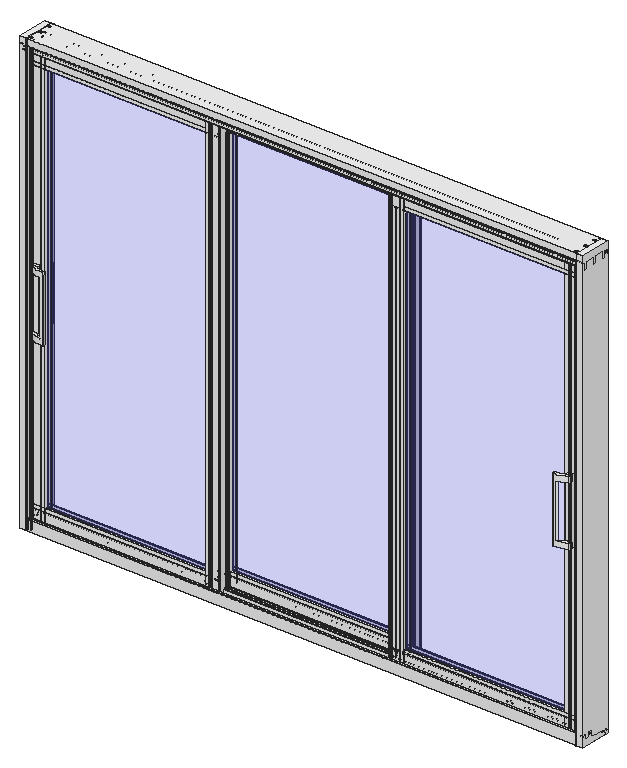
Revit family "Patio-Door_R-550-2-0_3-Light_XOX_5in_Novatech", category Doors, host Wall, Revit 2026
Family settings
  Host = Wall
  Classification Number = 23.30.10.00
  Always vertical = Yes
  Cut with Voids When Loaded = No
  Shared = No
  Room Calculation Point = No
Parameters (values of type "103 7/16"W X 81"H")
  Width Sash X = (Width / 3) + 101/128"  # 35.26823"
  Width Sash O = (Width / 3) + 101/128"  # 35.26823"
  Model_Sash to Reference Line = (Width - 2 37/128") / 3  # 33.71615"
  View Handle = yes
  URL = "https://www.groupenovatech.com/en_canada_ontario/products/patio‐doors/550.html"
  Thickness = 5.75039"
  Specification = "https://www.arcat.com/company/novatech-group-51586/spec"
  Rough Width = Width + 1/2"  # 103 15/16"
  Rough Height = Height + 1/2"  # 81 1/2"
  Product Page URL = "https://www.arcat.com/arcatcos/cos51/arc51586.html"
  Panel Material = Glass
  Model = "550"
  Manufacturer = "Novatech"
  Look Handle = yes
  Keynote = "08 32 00"
  Height Sash X = Height - 3 37/64"  # 77 27/64"
  Height Sash O = Height - 3 37/64"  # 77 27/64"
  Hardware Material = Aluminum
  Handle Height = 38"
  Function = Interior
  Height = 81"
  Wall Closure = By host
  Width = 103 7/16"
  Frame Material = Aluminum
  Define Thermal Properties by = Schematic Type
  Copyright = "ARCAT"
  CAD Details = "https://www.arcat.com/company/novatech-group-51586/cad"
  Analytic Construction = "<None>"
Reference planes (in)
  plane 1 "Center (Front/Back)": y = 0
  plane 2 "Center (Left/Right)": x = 0
  plane 3 "Left": x = -51.71875
  plane 4 "Right": x = 51.71875
  plane 5 "Top": z = 81
  plane 6 "Exterior": y = 3
  plane 7 "Interior": y = -3
  plane 8: x = -50.57111
  plane 9: z = 1.6351
  plane 10: z = 79.05697
  plane 11: x = 50.57501
  plane 12: z = 38
  plane 13: x = -16.85497
  plane 14: x = 16.85886
  plane 15 "Panel 1": y = -1.33612
  plane 16 "Panel 2": y = 0.87399
Text (in)
  text "Exterior" at (-104.41165, 27.31104, 0), in view "Ref. Level"
  text "Interior" at (-104.41165, -25.14366, 0), in view "Ref. Level"
  text "Exterior" at (0, 40.15149, 123.01588), in view "Right"
  text "Interior" at (0, -64.39139, 123.01588), in view "Right"
  text "Interior" at (0, -31.01599, 123.00693), in view "Left"
  text "Exterior" at (0, 54.57065, 123.00693), in view "Left"
Dimensions and locks (in)
  "Model_Sash to Reference Line": plane 8 to plane 13
  "Model_Sash to Reference Line": plane 14 to plane 11
  plane 3 "Left" to plane 8 = 1.14764"
  plane 11 to plane 4 "Right" = 1.14374"
  "Height": plane 5 "Top" to level
  "Handle Height": plane 12 to level
  "Width": plane 3 "Left" to plane 4 "Right"
  equal spacing: plane 3 "Left", plane 2 "Center (Left/Right)", plane 4 "Right"
  locked: nested 7 to plane 3 "Left" at 2.74076
  locked: nested 6 to plane 3 "Left" at 2.74076
  locked: plane 4 "Right" to nested 3 at 2.74072
  locked: plane 4 "Right" to nested 2 at 2.74072
  locked: plane 15 "Panel 1" to nested 2 at 0.76968
  locked: nested 3 to plane 15 "Panel 1" at 0.8878
  locked: plane 15 "Panel 1" to nested 6 at 0.76968
  locked: nested 7 to plane 15 "Panel 1" at 0.8878
  locked: plane 9 to level at 1.6351
  "Height Sash O": plane 10 to plane 9
  locked: plane 7 "Interior" to plane 15 "Panel 1" at 1.66388
  locked: plane 7 "Interior" to plane 16 "Panel 2" at 3.87399
  aligned and locked: plane 6 "Exterior" to host wall
  aligned and locked: plane 7 "Interior" to host wall
  aligned and locked: nested 1 to plane 7 "Interior"
  aligned and locked: nested 1 to plane 3 "Left"
  aligned and locked: nested 1 to plane 4 "Right"
  aligned and locked: plane 15 "Panel 1" to nested 8
  aligned and locked: nested 4 to plane 15 "Panel 1"
  aligned and locked: nested 5 to plane 16 "Panel 2"
  aligned and locked: plane 12 to nested 3
  aligned and locked: plane 12 to nested 2
  aligned and locked: nested 8 to plane 9
  aligned and locked: plane 10 to nested 8
  aligned and locked: plane 9 to nested 5
  aligned and locked: nested 5 to plane 10
  aligned and locked: plane 9 to nested 4
  aligned and locked: nested 4 to plane 10
  aligned and locked: nested 8 to plane 13
  aligned and locked: nested 5 to plane 13
  aligned and locked: plane 14 to nested 5
  aligned and locked: plane 14 to nested 4
  aligned and locked: plane 11 to nested 1
  aligned and locked: nested 1 to plane 8
  aligned and locked: nested 6 to plane 12
  aligned and locked: nested 7 to plane 12
Nested families (in)
  nested 1: "NOVATECH_R-550 (2.0)_3 light OXO 5in_DOOR FRAME" at (0, 0, 0) x (-1, 0, 0) z (0, 0, 1), type "DOOR FRAME"
    with Width 103 7/16"
  nested 2: "NOVATECH_R-550 (2.0)_3 LIGHT_XOX_5in_LOOK HANDLE" at (48.97803, -2.22392, 32) x (-1, 0, 0) z (0, 0, 1), visible <- "Look Handle", type "LOOK HANDLE"
  nested 3: "NOVATECH_R-550 (2.0)_3 LIGHT_XOX_5in_VIEW HANDLE" at (48.97803, -2.22392, 32) x (-1, 0, 0) z (0, 0, 1), visible <- "View Handle", type "VIEW HANDLE"
  nested 4: "NOVATECH_R-550 (2.0)_3 LIGHT_XOX_5in_SASH_X" at (33.71694, -0.56644, 1.6351) x (-1, 0, 0) z (0, 0, 1), type "SASH_X"
  nested 5: "NOVATECH_R-550 (2.0)_3 LIGHT_XOX_5in_SASH_O_MID" at (0.00311, 1.64369, 1.6351) x (-1, 0, 0) z (0, 0, 1), type "SASH_O_MID"
  nested 6: "NOVATECH_R-550 (2.0)_3 LIGHT_XOX_5in_LOOK HANDLE" at (-48.97799, -2.22392, 32), visible <- "Look Handle", type "LOOK HANDLE"
  nested 7: "NOVATECH_R-550 (2.0)_3 LIGHT_XOX_5in_VIEW HANDLE" at (-48.97799, -2.22392, 32), visible <- "View Handle", type "VIEW HANDLE"
  nested 8: "NOVATECH_R-550 (2.0)_3 LIGHT_XOX_5in_SASH_X" at (-33.71304, -0.56644, 1.6351), type "SASH_X"
Definition of nested family "NOVATECH_R-550 (2.0)_3 light OXO 5in_DOOR FRAME"
  Parameters (values of type "DOOR FRAME")
    Function = (empty or 0)
    Height = 81"
    Wall Closure = (empty or 0)
    Width = 139 3/8"
    Frame Thickness = 5.75039"
    Frame Material = none
    Define Thermal Properties by = 1
    Analytic Construction = "<None>"
  Reference planes (in)
    plane 1 "Center (Front/Back)": y = 0
    plane 2 "Center (Left/Right)": x = 0
    plane 3 "Left": x = -69.6875
    plane 4 "Right": x = 69.6875
    plane 5 "Top": z = 81
    plane 6 "Exterior": y = 4
    plane 7 "Interior": y = -4
    plane 8: y = -1.75039
  Lines and regions (in)
    Opening 1
      outline origin (-90, -4, 0) x (1, 0, 0) y (0, 0, 1)
        loop
          line (20.3125, 0) -> (159.6875, 0) -> (159.6875, 81) -> (20.3125, 81) -> (20.3125, 0)
  Text (in)
    text "Exterior" at (-74.96733, 27.31104, 0), in view "Ref. Level"
    text "Interior" at (-74.96733, -25.14366, 0), in view "Ref. Level"
    text "Exterior" at (0, 40.15149, 123.01588), in view "Right"
    text "Interior" at (0, -64.39139, 123.01588), in view "Right"
    text "Interior" at (0, -31.01599, 123.00693), in view "Left"
    text "Exterior" at (0, 54.57065, 123.00693), in view "Left"
  Dimensions and locks (in)
    equal spacing: plane 3 "Left", plane 2 "Center (Left/Right)", plane 4 "Right"
    "Height": level to plane 5 "Top"
    "Width": plane 3 "Left" to plane 4 "Right"
    "Frame Thickness": plane 6 "Exterior" to plane 8
    aligned and locked: plane 3 "Left" to Opening 1 sketch curve
    aligned and locked: plane 5 "Top" to Opening 1 sketch curve  (x2)
    aligned and locked: Opening 1 sketch curve to plane 4 "Right"
    aligned and locked: Opening 1 sketch curve to level
    aligned and locked: plane 6 "Exterior" to host wall
    aligned and locked: plane 7 "Interior" to host wall
    aligned and locked: nested 1 to plane 3 "Left"
    aligned and locked: plane 4 "Right" to nested 1
    aligned and locked: nested 2 to plane 3 "Left"
    aligned and locked: nested 2 to plane 4 "Right"
    aligned and locked: nested 3 to plane 6 "Exterior"
    aligned and locked: plane 3 "Left" to nested 3
    aligned and locked: nested 4 to plane 4 "Right"
    aligned and locked: nested 1 to plane 6 "Exterior"
    aligned and locked: nested 1 to plane 5 "Top"
    aligned and locked: level to nested 2
    aligned and locked: plane 6 "Exterior" to nested 4
    aligned and locked: nested 4 to plane 8
    aligned and locked: plane 8 to nested 3
    aligned and locked: nested 2 to plane 8
  Nested families (in)
    nested 1: "HEADER PROFILE" at (-69.6875, -1.56054, 81), type "HEADER PROFILE"
      with Length 139 3/8"
    nested 2: "NOVATECH_650_2 LIGHT_SILL PROFILE" at (69.6875, 3.91668, 0) x (-1, 0, 0) z (0, 0, 1), type "SILL PROFILE"
      with built-in parameter 1001306 11.615 (stored number, unit not read)
    nested 3: "NOVATECH 650_2 LIGHT_DOOR FRAME_LEFT" at (-69.6875, 4, 0) x (0, -1, 0) z (0, 0, 1), type "NOVATECH 650_2 LIGHT_DOOR FRAME_LEFT"
      with Length 81"
    nested 4: "NOVATECH 650_2 LIGHT_DOOR FRAME_RIGHT" at (69.6875, -1.74823, 0) x (0, 1, 0) z (0, 0, 1), type "NOVATECH 650_2 LIGHT_DOOR FRAME_RIGHT"
      with Length 81"
  Definition of nested family "HEADER PROFILE"
    Parameters (values of type "HEADER PROFILE")
      Length [instance] = 12"
      Frame Material = none
      Default Elevation = 0"
    Reference planes (in)
      plane 1 "Center (Front/Back)": y = -0.1877
      plane 2: z = 0
      plane 3 "Center (Left/Right)": x = 0
      plane 4: x = 12
    Forms (in)
      Extrusion 1, solid, material <- "Frame Material"
        sketch origin (0, 0, -4.50465) x (0, 1, 0) y (0, 0, 1)
          loop
            line (5.47841, 3.29129) -> (5.47841, 3.36675)
            arc (5.47841, 3.36675) -> (5.53175, 3.36007) -> (5.56054, 3.40548) r 0.0502
            line (5.56054, 3.40548) -> (5.56054, 4.50465) -> (-0.1877, 4.50465) -> (-0.1877, 2.55546)
            arc (-0.1877, 2.55546) -> (-0.1552, 2.52297) -> (-0.1227, 2.55547) r 0.0325
            line (-0.1227, 2.55547) -> (-0.12276, 3.29129) -> (0.25521, 3.29129) -> (0.25521, 2.84166)
            arc (0.25521, 2.84166) -> (0.26685, 2.81816) -> (0.29261, 2.8132) r 0.02953
            arc (0.29261, 2.8132) -> (0.31836, 2.81816) -> (0.33, 2.84166) r 0.02953
            line (0.33, 2.84166) -> (0.33, 3.29129) -> (0.69423, 3.29129) -> (0.69423, 2.19955)
            arc (0.69423, 2.19955) -> (0.7118, 2.15713) -> (0.75422, 2.13956) r 0.05999
            line (0.75422, 2.13956) -> (0.81522, 2.13956)
            arc (0.81522, 2.13956) -> (0.85764, 2.15713) -> (0.87521, 2.19955) r 0.05999
            line (0.87521, 2.19955) -> (0.87521, 2.25259)
            arc (0.87521, 2.25259) -> (0.84972, 2.26998) -> (0.82422, 2.25259) r 0.02739
            line (0.82422, 2.25259) -> (0.82422, 2.20455) -> (0.77268, 2.20455)
            arc (0.77268, 2.20455) -> (0.75528, 2.2213) -> (0.75922, 2.24512) r 0.02594
            arc (0.75922, 2.24512) -> (0.77544, 2.26759) -> (0.75922, 2.29005) r 0.02367
            line (0.75922, 2.29005) -> (0.75922, 2.33559)
            arc (0.75922, 2.33559) -> (0.77473, 2.35806) -> (0.75922, 2.38052) r 0.02403
            line (0.75922, 2.38052) -> (0.75922, 2.42611)
            arc (0.75922, 2.42611) -> (0.7747, 2.44857) -> (0.75922, 2.47104) r 0.02404
            arc (0.75922, 2.47104) -> (0.75299, 2.49662) -> (0.77468, 2.51157) r 0.02321
            line (0.77468, 2.51157) -> (0.82422, 2.51157) -> (0.82422, 2.46357)
            arc (0.82422, 2.46357) -> (0.84972, 2.44456) -> (0.87521, 2.46357) r 0.0266
            line (0.87521, 2.46357) -> (0.87521, 3.29129) -> (2.68703, 3.29129) -> (2.68703, 2.46238)
            arc (2.68703, 2.46238) -> (2.71103, 2.44596) -> (2.73803, 2.45675) r 0.03088
            line (2.73803, 2.45675) -> (2.73803, 2.49661)
            arc (2.73803, 2.49661) -> (2.76353, 2.51731) -> (2.78902, 2.49661) r 0.02605
            line (2.78902, 2.49661) -> (2.78902, 2.21955)
            arc (2.78902, 2.21955) -> (2.76353, 2.20165) -> (2.73803, 2.21955) r 0.02711
            line (2.73803, 2.21955) -> (2.73803, 2.25254)
            arc (2.73803, 2.25254) -> (2.71253, 2.26976) -> (2.68703, 2.25254) r 0.02749
            line (2.68703, 2.25254) -> (2.68703, 2.19955)
            arc (2.68703, 2.19955) -> (2.70461, 2.15713) -> (2.74703, 2.13956) r 0.05999
            line (2.74703, 2.13956) -> (2.98101, 2.13956)
            arc (2.98101, 2.13956) -> (3.02343, 2.15713) -> (3.041, 2.19955) r 0.05999
            line (3.041, 2.19955) -> (3.041, 2.25254)
            arc (3.041, 2.25254) -> (3.0155, 2.27015) -> (2.99, 2.25254) r 0.02726
            line (2.99, 2.25254) -> (2.99, 2.21955)
            arc (2.99, 2.21955) -> (2.96451, 2.20197) -> (2.93901, 2.21955) r 0.02728
            line (2.93901, 2.21955) -> (2.93901, 2.49661)
            arc (2.93901, 2.49661) -> (2.96451, 2.51514) -> (2.99, 2.49661) r 0.02681
            line (2.99, 2.49661) -> (2.99, 2.46362)
            arc (2.99, 2.46362) -> (3.0155, 2.44518) -> (3.041, 2.46362) r 0.02685
            line (3.041, 2.46362) -> (3.041, 3.29129) -> (4.85282, 3.29129) -> (4.85282, 2.60608) -> (4.85282, 2.46358)
            arc (4.85282, 2.46358) -> (4.87832, 2.44433) -> (4.90382, 2.46358) r 0.02651
            line (4.90382, 2.46358) -> (4.90382, 2.49665)
            arc (4.90382, 2.49665) -> (4.92931, 2.51514) -> (4.95481, 2.49665) r 0.02682
            line (4.95481, 2.49665) -> (4.95481, 2.21951)
            arc (4.95481, 2.21951) -> (4.92931, 2.20154) -> (4.90382, 2.21951) r 0.02707
            line (4.90382, 2.21951) -> (4.90382, 2.25258)
            arc (4.90382, 2.25258) -> (4.87832, 2.2698) -> (4.85282, 2.25258) r 0.02749
            line (4.85282, 2.25258) -> (4.85282, 2.1994)
            arc (4.85282, 2.1994) -> (4.87035, 2.15709) -> (4.91266, 2.13956) r 0.05984
            line (4.91266, 2.13956) -> (5.09278, 2.13956)
            arc (5.09278, 2.13956) -> (5.12107, 2.15127) -> (5.13278, 2.17956) r 0.04
            line (5.13278, 2.17956) -> (5.13279, 3.29129) -> (5.47841, 3.29129)
        from 0 to 12
    Dimensions and locks (in)
      "Length": plane 3 "Center (Left/Right)" to plane 4
      aligned and locked: plane 2 to level
      aligned and locked: Extrusion 1 to plane 4
      aligned and locked: Extrusion 1 to plane 3 "Center (Left/Right)"
    Automatic sketch dimensions
      Extrusion 1 sketch curve to level = 2.36509"  (x5)
      level to Extrusion 1 sketch curve = 0"
      Extrusion 1 sketch curve to Extrusion 1 sketch curve = 0.0325"  (x2)
      Extrusion 1 sketch curve to level = 1.21336"  (x2)
      Extrusion 1 sketch curve to Extrusion 1 sketch curve = 0.03244"
      Extrusion 1 sketch curve to level = 1.94918"
      Extrusion 1 sketch curve to Extrusion 1 sketch curve = 0.37797"
      Extrusion 1 sketch curve to level = 1.66299"  (x2)
      Extrusion 1 sketch curve to Extrusion 1 sketch curve = 0"  (x13)
      Extrusion 1 sketch curve to Extrusion 1 sketch curve = 0.02953"  (x2)
      Extrusion 1 sketch curve to Extrusion 1 sketch curve = 0.01574"
      Extrusion 1 sketch curve to Extrusion 1 sketch curve = 0.0748"
      Extrusion 1 sketch curve to Extrusion 1 sketch curve = 0.36423"
      Extrusion 1 sketch curve to Extrusion 1 sketch curve = 0.05643"
      Extrusion 1 sketch curve to Extrusion 1 sketch curve = 0.00004"
      Extrusion 1 sketch curve to Extrusion 1 sketch curve = 0.05754"
      Extrusion 1 sketch curve to Extrusion 1 sketch curve = 0.05999"
      Extrusion 1 sketch curve to Extrusion 1 sketch curve = 0.00745"
      Extrusion 1 sketch curve to Extrusion 1 sketch curve = 0.00852"
      Extrusion 1 sketch curve to Extrusion 1 sketch curve = 0.01845"
      Extrusion 1 sketch curve to Extrusion 1 sketch curve = 0.02402"
      Extrusion 1 sketch curve to Extrusion 1 sketch curve = 0.00722"
      Extrusion 1 sketch curve to Extrusion 1 sketch curve = 0.04254"
      Extrusion 1 sketch curve to Extrusion 1 sketch curve = 0.04954"
      Extrusion 1 sketch curve to Extrusion 1 sketch curve = 0.009"  (x3)
      Extrusion 1 sketch curve to Extrusion 1 sketch curve = 0.0255"  (x24)
      Extrusion 1 sketch curve to Extrusion 1 sketch curve = 1.81182"  (x2)
      Extrusion 1 sketch curve to level = 2.3051"
      Extrusion 1 sketch curve to Extrusion 1 sketch curve = 0.02738"
      Extrusion 1 sketch curve to Extrusion 1 sketch curve = 0.02361"
      Extrusion 1 sketch curve to level = 2.00804"
      Extrusion 1 sketch curve to level = 2.2851"
      Extrusion 1 sketch curve to Extrusion 1 sketch curve = 0.14999"
      Extrusion 1 sketch curve to Extrusion 1 sketch curve = 0.0165"
      Extrusion 1 sketch curve to Extrusion 1 sketch curve = 0.35397"
      Extrusion 1 sketch curve to level = 2.04107"
      Extrusion 1 sketch curve to level = 2.25207"
      Extrusion 1 sketch curve to Extrusion 1 sketch curve = 0.00885"  (x2)
      Extrusion 1 sketch curve to level = 2.008"
      Extrusion 1 sketch curve to level = 2 73/256"
      Extrusion 1 sketch curve to Extrusion 1 sketch curve = 0.13797"
      Extrusion 1 sketch curve to level = 2.32509"
      Extrusion 1 sketch curve to Extrusion 1 sketch curve = 0.04"
      Extrusion 1 sketch curve to Extrusion 1 sketch curve = 0.27997"
      Extrusion 1 sketch curve to Extrusion 1 sketch curve = 0.34562"
      Extrusion 1 sketch curve to Extrusion 1 sketch curve = 0.03193"
      Extrusion 1 sketch curve to Extrusion 1 sketch curve = 0.0502"
      Extrusion 1 sketch curve to Extrusion 1 sketch curve = 0.005"
      Extrusion 1 sketch curve to Extrusion 1 sketch curve = 0.02"
      Extrusion 1 sketch curve to Extrusion 1 sketch curve = 0.0091"
      Extrusion 1 sketch curve to Extrusion 1 sketch curve = 0.0092"
      Extrusion 1 sketch curve to Extrusion 1 sketch curve = 0.00969"
      Extrusion 1 sketch curve to Extrusion 1 sketch curve = 0.02491"
      Extrusion 1 sketch curve to Extrusion 1 sketch curve = 0.02272"
      Extrusion 1 sketch curve to Extrusion 1 sketch curve = 0.01026"
      Extrusion 1 sketch curve to Extrusion 1 sketch curve = 0.03804"
      Extrusion 1 sketch curve to Extrusion 1 sketch curve = 0.02334"
      Extrusion 1 sketch curve to Extrusion 1 sketch curve = 0.01027"
      Extrusion 1 sketch curve to Extrusion 1 sketch curve = 0.00965"
      Extrusion 1 sketch curve to Extrusion 1 sketch curve = 0.01"
      Extrusion 1 sketch curve to Extrusion 1 sketch curve = 0.03813"
      Extrusion 1 sketch curve to Extrusion 1 sketch curve = 0.02246"  (x3)
      Extrusion 1 sketch curve to Extrusion 1 sketch curve = 0.04554"
      Extrusion 1 sketch curve to Extrusion 1 sketch curve = 0.04558"
      Extrusion 1 sketch curve to Extrusion 1 sketch curve = 0.03986"
      Extrusion 1 sketch curve to Extrusion 1 sketch curve = 0.00563"
      Extrusion 1 sketch curve to Extrusion 1 sketch curve = 0.03746"
      Extrusion 1 sketch curve to Extrusion 1 sketch curve = 0.21108"
      Extrusion 1 sketch curve to Extrusion 1 sketch curve = 0.00726"
      Extrusion 1 sketch curve to Extrusion 1 sketch curve = 0.00759"
      Extrusion 1 sketch curve to Extrusion 1 sketch curve = 0.0084"
      Extrusion 1 sketch curve to Extrusion 1 sketch curve = 0.00833"
      Extrusion 1 sketch curve to Extrusion 1 sketch curve = 0.02471"
      Extrusion 1 sketch curve to Extrusion 1 sketch curve = 0.03978"
      Extrusion 1 sketch curve to Extrusion 1 sketch curve = 0.00535"
      Extrusion 1 sketch curve to Extrusion 1 sketch curve = 0.00828"
      Extrusion 1 sketch curve to Extrusion 1 sketch curve = 0.0404"
      Extrusion 1 sketch curve to Extrusion 1 sketch curve = 0.10943"
      Extrusion 1 sketch curve to Extrusion 1 sketch curve = 0.79468"
      Extrusion 1 sketch curve to Extrusion 1 sketch curve = 0.68521"
      Extrusion 1 sketch curve to Extrusion 1 sketch curve = 0.07546"
      Extrusion 1 sketch curve to plane 1 "Center (Front/Back)" = 0"
  Definition of nested family "NOVATECH_650_2 LIGHT_SILL PROFILE"
    Parameters (values of type "SILL PROFILE")
      built-in parameter 1001306 [instance] = 54"
      Frame Material = none
      Default Elevation = 0"
    Reference planes (in)
      plane 1 "Center (Front/Back)": y = 0
      plane 2: z = 0
      plane 3 "Left": x = 0
      plane 4 "Right": x = 54
    Forms (in)
      Extrusion 1, solid, material <- "Frame Material"
        sketch origin (0, 0, 0) x (0, 1, 0) y (0, 0, 1)
          loop
            line (-0.0315, 2.01964) -> (-0.3985, 2.01964)
            arc (-0.3985, 2.01964) -> (-0.42078, 2.01041) -> (-0.43, 1.98814) r 0.0315
            line (-0.43, 1.98814) -> (-0.43, 1.24798)
            arc (-0.43, 1.24798) -> (-0.43577, 1.23406) -> (-0.44969, 1.22829) r 0.01969
            line (-0.44969, 1.22829) -> (-0.53401, 1.22829) -> (-1.18851, 1.2049)
            arc (-1.18851, 1.2049) -> (-1.20288, 1.21041) -> (-1.2089, 1.22458) r 0.01969
            line (-1.2089, 1.22458) -> (-1.2089, 2.04394) -> (-1.28389, 2.04394) -> (-1.28389, 1.93761) -> (-1.45231, 1.93761)
            arc (-1.45231, 1.93761) -> (-1.47319, 1.92896) -> (-1.48184, 1.90808) r 0.02953
            line (-1.48184, 1.90808) -> (-1.48184, 1.8555) -> (-1.42464, 1.88924) -> (-1.42464, 1.76041)
            arc (-1.42464, 1.76041) -> (-1.4304, 1.74649) -> (-1.44432, 1.74072) r 0.01969
            line (-1.44432, 1.74072) -> (-1.52383, 1.74072) -> (-1.60334, 1.74072)
            arc (-1.60334, 1.74072) -> (-1.61726, 1.74649) -> (-1.62303, 1.76041) r 0.01969
            line (-1.62303, 1.76041) -> (-1.62303, 1.88924) -> (-1.56583, 1.8555) -> (-1.56583, 1.90808)
            arc (-1.56583, 1.90808) -> (-1.57447, 1.92896) -> (-1.59535, 1.93761) r 0.02953
            line (-1.59535, 1.93761) -> (-1.76377, 1.93761) -> (-1.76377, 2.04394) -> (-1.83876, 2.04394) -> (-1.83876, 1.48427)
            arc (-1.83876, 1.48427) -> (-1.83136, 1.46889) -> (-1.81472, 1.46507) r 0.01969
            line (-1.81472, 1.46507) -> (-1.74444, 1.48102)
            arc (-1.74444, 1.48102) -> (-1.7278, 1.47721) -> (-1.7204, 1.46183) r 0.01969
            line (-1.7204, 1.46183) -> (-1.7204, 1.18628) -> (-3.3976, 0.93481) -> (-3.3976, 0.87524)
            arc (-3.3976, 0.87524) -> (-3.39094, 0.86049) -> (-3.37547, 0.85571) r 0.01969
            line (-3.37547, 0.85571) -> (-3.34098, 0.86002)
            arc (-3.34098, 0.86002) -> (-3.32551, 0.85524) -> (-3.31886, 0.84049) r 0.01969
            line (-3.31886, 0.84049) -> (-3.31886, 0.77725)
            arc (-3.31886, 0.77725) -> (-3.32462, 0.76333) -> (-3.33854, 0.75756) r 0.01969
            line (-3.33854, 0.75756) -> (-3.49884, 0.75756)
            arc (-3.49884, 0.75756) -> (-3.51276, 0.76333) -> (-3.51852, 0.77726) r 0.01969
            line (-3.51852, 0.77726) -> (-3.51848, 0.89401)
            arc (-3.51848, 0.89401) -> (-3.52532, 0.90893) -> (-3.54109, 0.91348) r 0.01969
            line (-3.54109, 0.91348) -> (-4.14981, 0.82194)
            arc (-4.14981, 0.82194) -> (-4.16864, 0.81101) -> (-4.17588, 0.79048) r 0.03151
            arc (-4.17588, 0.79048) -> (-4.1692, 0.77568) -> (-4.15368, 0.77092) r 0.01971
            line (-4.15368, 0.77092) -> (-4.1193, 0.77531)
            arc (-4.1193, 0.77531) -> (-4.1038, 0.77056) -> (-4.09713, 0.75579) r 0.01969
            line (-4.09713, 0.75579) -> (-4.09713, 0.64717) -> (-4.51942, 0.64717) -> (-5.09032, 0.54995) -> (-5.09032, 0.37078)
            arc (-5.09032, 0.37078) -> (-5.09609, 0.35686) -> (-5.11001, 0.3511) r 0.01969
            line (-5.11001, 0.3511) -> (-5.21777, 0.3511) -> (-5.21777, 0.43301)
            arc (-5.21777, 0.43301) -> (-5.21008, 0.44862) -> (-5.19268, 0.45336) r 0.01969
            arc (-5.19268, 0.45336) -> (-5.17199, 0.46041) -> (-5.17057, 0.48222) r 0.01969
            line (-5.17057, 0.48222) -> (-5.19892, 0.53133) -> (-5.25984, 0.52091)
            arc (-5.25984, 0.52091) -> (-5.2833, 0.50749) -> (-5.29257, 0.4821) r 0.03937
            line (-5.29257, 0.4821) -> (-5.29257, 0.01969)
            arc (-5.29257, 0.01969) -> (-5.28681, 0.00577) -> (-5.27289, 0) r 0.01969
            line (-5.27289, 0) -> (0, 0) -> (0, 1.98814)
            arc (0, 1.98814) -> (-0.00922, 2.01041) -> (-0.0315, 2.01964) r 0.0315
          loop
            line (-1.3034, 1.97702) -> (-1.3034, 2.04394) -> (-1.42934, 2.04394) -> (-1.42934, 2.1046)
            arc (-1.42934, 2.1046) -> (-1.52383, 2.19912) -> (-1.61835, 2.10464) r 0.09451
            line (-1.61835, 2.10464) -> (-1.61837, 2.04394) -> (-1.7443, 2.04394) -> (-1.7443, 1.97702) -> (-1.5573, 1.97702) -> (-1.5573, 1.83834) -> (-1.58831, 1.83834) -> (-1.55095, 1.77508)
            arc (-1.55095, 1.77508) -> (-1.52382, 1.7596) -> (-1.4967, 1.7751) r 0.0315
            line (-1.4967, 1.7751) -> (-1.4594, 1.83834) -> (-1.49041, 1.83834) -> (-1.49041, 1.97702) -> (-1.3034, 1.97702)
          loop
            line (-5.30039, 0.01181) -> (-5.30039, 0.09008)
            arc (-5.30039, 0.09008) -> (-5.32598, 0.11568) -> (-5.35158, 0.09008) r 0.0256
            arc (-5.35158, 0.09008) -> (-5.3603, 0.07333) -> (-5.37902, 0.07086) r 0.02045
            line (-5.37902, 0.07086) -> (-5.45185, 0.07086) -> (-5.55813, 0.13258)
            arc (-5.55813, 0.13258) -> (-5.58236, 0.1411) -> (-5.60802, 0.14017) r 0.0689
            line (-5.60802, 0.14017) -> (-5.60802, 0.25595)
            arc (-5.60802, 0.25595) -> (-5.49766, 0.29546) -> (-5.42416, 0.38678) r 0.21608
            line (-5.42416, 0.38678) -> (-5.41236, 0.50797) -> (-5.18692, 0.54595)
            arc (-5.18692, 0.54595) -> (-5.16761, 0.53745) -> (-5.16159, 0.51723) r 0.02512
            line (-5.16159, 0.51723) -> (-5.16159, 0.43951) -> (-5.20605, 0.42845) -> (-5.16128, 0.37879)
            arc (-5.16128, 0.37879) -> (-5.12616, 0.37038) -> (-5.10571, 0.40014) r 0.03189
            line (-5.10571, 0.40014) -> (-5.10571, 0.55578) -> (-4.12322, 0.72113)
            arc (-4.12322, 0.72113) -> (-4.11499, 0.74127) -> (-4.1219, 0.76189) r 0.03124
            line (-4.1219, 0.76189) -> (-4.55051, 0.68941)
            arc (-4.55051, 0.68941) -> (-4.57053, 0.69771) -> (-4.57883, 0.71774) r 0.02832
            line (-4.57883, 0.71774) -> (-4.57883, 0.77014)
            arc (-4.57883, 0.77014) -> (-4.57077, 0.78959) -> (-4.55131, 0.79765) r 0.02752
            arc (-4.55131, 0.79765) -> (-4.53356, 0.82503) -> (-4.55312, 0.85114) r 0.02851
            line (-4.55312, 0.85114) -> (-4.61247, 0.85114)
            arc (-4.61247, 0.85114) -> (-4.62636, 0.84539) -> (-4.63211, 0.8315) r 0.01964
            line (-4.63211, 0.8315) -> (-4.63211, 0.68772) -> (-5.15723, 0.59916) -> (-5.15723, 0.84113)
            arc (-5.15723, 0.84113) -> (-5.18676, 0.87066) -> (-5.21629, 0.84113) r 0.02953
            line (-5.21629, 0.84113) -> (-5.21629, 0.5892) -> (-5.66655, 0.51327) -> (-5.66667, 0.46347)
            arc (-5.66667, 0.46347) -> (-5.62472, 0.40897) -> (-5.56143, 0.4359) r 0.05619
            arc (-5.56143, 0.4359) -> (-5.50277, 0.45232) -> (-5.48662, 0.39358) r 0.04298
            arc (-5.48662, 0.39358) -> (-5.55375, 0.33056) -> (-5.64467, 0.316) r 0.15703
            arc (-5.64467, 0.316) -> (-5.66029, 0.31137) -> (-5.66707, 0.29655) r 0.01969
            line (-5.66707, 0.29655) -> (-5.66707, 0.05364) -> (-5.60263, 0.03477) -> (-5.60263, 0.09012) -> (-5.53227, 0.04927) -> (-5.53227, 0.01181) -> (-5.30039, 0.01181)
        from 0 to 54
    Lines and regions (in)
      reference lines
        curve 1: line (0, 0, 0) -> (54, 0, 0)
    Dimensions and locks (in)
      "built-in parameter 1001306": plane 3 "Left" to plane 4 "Right"
      aligned and locked: plane 4 "Right" to curve 1
      aligned and locked: plane 1 "Center (Front/Back)" to curve 1
      aligned and locked: plane 3 "Left" to curve 1
      aligned and locked: level to plane 2
      aligned and locked: Extrusion 1 to curve 1
      aligned and locked: Extrusion 1 to plane 3 "Left"
    Automatic sketch dimensions
      Extrusion 1 sketch curve to Extrusion 1 sketch curve = 0"  (x15)
      level to Extrusion 1 sketch curve = 0.05364"
      plane 1 "Center (Front/Back)" to Extrusion 1 sketch curve = 5.66707"
      level to Extrusion 1 sketch curve = 0.46347"
      Extrusion 1 sketch curve to Extrusion 1 sketch curve = 0.00041"
      level to Extrusion 1 sketch curve = 0.51327"
      Extrusion 1 sketch curve to Extrusion 1 sketch curve = 0.00012"
      Extrusion 1 sketch curve to Extrusion 1 sketch curve = 0.01968"
      Extrusion 1 sketch curve to Extrusion 1 sketch curve = 0.04373"
      Extrusion 1 sketch curve to Extrusion 1 sketch curve = 0.01246"
      Extrusion 1 sketch curve to Extrusion 1 sketch curve = 0.05906"
      Extrusion 1 sketch curve to Extrusion 1 sketch curve = 0.00539"
      Extrusion 1 sketch curve to Extrusion 1 sketch curve = 0.0099"
      level to Extrusion 1 sketch curve = 0.13258"
      Extrusion 1 sketch curve to Extrusion 1 sketch curve = 0.04989"
      level to Extrusion 1 sketch curve = 0.04927"
      Extrusion 1 sketch curve to Extrusion 1 sketch curve = 0.06046"
      Extrusion 1 sketch curve to Extrusion 1 sketch curve = 0.08655"
      level to Extrusion 1 sketch curve = 0.07086"
      Extrusion 1 sketch curve to Extrusion 1 sketch curve = 0.08042"
      level to Extrusion 1 sketch curve = 0.38678"
      Extrusion 1 sketch curve to Extrusion 1 sketch curve = 0.09976"
      level to Extrusion 1 sketch curve = 0.50797"
      Extrusion 1 sketch curve to Extrusion 1 sketch curve = 0.0118"
      Extrusion 1 sketch curve to Extrusion 1 sketch curve = 0.07282"
      Extrusion 1 sketch curve to Extrusion 1 sketch curve = 0.00699"
      Extrusion 1 sketch curve to Extrusion 1 sketch curve = 0.04604"
      Extrusion 1 sketch curve to Extrusion 1 sketch curve = 0.0256"
      Extrusion 1 sketch curve to Extrusion 1 sketch curve = 1/128"
      Extrusion 1 sketch curve to Extrusion 1 sketch curve = 0.01969"  (x12)
      level to Extrusion 1 sketch curve = 0.52091"
      Extrusion 1 sketch curve to Extrusion 1 sketch curve = 0.03273"
      Extrusion 1 sketch curve to Extrusion 1 sketch curve = 0.00664"
      Extrusion 1 sketch curve to Extrusion 1 sketch curve = 0.03544"
      Extrusion 1 sketch curve to Extrusion 1 sketch curve = 0.04355"
      level to Extrusion 1 sketch curve = 0.42845"
      Extrusion 1 sketch curve to Extrusion 1 sketch curve = 0.04715"
      level to Extrusion 1 sketch curve = 0.53133"
      Extrusion 1 sketch curve to Extrusion 1 sketch curve = 0.01737"
      Extrusion 1 sketch curve to Extrusion 1 sketch curve = 0.00797"
      Extrusion 1 sketch curve to Extrusion 1 sketch curve = 0.01047"
      level to Extrusion 1 sketch curve = 0.54595"
      Extrusion 1 sketch curve to Extrusion 1 sketch curve = 0.01199"
      Extrusion 1 sketch curve to Extrusion 1 sketch curve = 0.02953"  (x2)
      Extrusion 1 sketch curve to Extrusion 1 sketch curve = 0.01247"
      level to Extrusion 1 sketch curve = 0.48222"
      Extrusion 1 sketch curve to Extrusion 1 sketch curve = 0.01705"
      Extrusion 1 sketch curve to Extrusion 1 sketch curve = 0.03649"
      level to Extrusion 1 sketch curve = 0.37879"
      Extrusion 1 sketch curve to Extrusion 1 sketch curve = 0.00031"
      Extrusion 1 sketch curve to Extrusion 1 sketch curve = 0.02369"
      Extrusion 1 sketch curve to Extrusion 1 sketch curve = 0.02759"
      level to Extrusion 1 sketch curve = 0.55578"
      Extrusion 1 sketch curve to Extrusion 1 sketch curve = 0.05152"
      Extrusion 1 sketch curve to Extrusion 1 sketch curve = 0.01539"
      Extrusion 1 sketch curve to Extrusion 1 sketch curve = 0.52512"
      Extrusion 1 sketch curve to Extrusion 1 sketch curve = 0.01964"  (x2)
      Extrusion 1 sketch curve to Extrusion 1 sketch curve = 0.03364"
      Extrusion 1 sketch curve to Extrusion 1 sketch curve = 0.05041"
      Extrusion 1 sketch curve to Extrusion 1 sketch curve = 0.00894"
      Extrusion 1 sketch curve to Extrusion 1 sketch curve = 0.02752"
      level to Extrusion 1 sketch curve = 0.68941"
      Extrusion 1 sketch curve to Extrusion 1 sketch curve = 0.02832"
      Extrusion 1 sketch curve to Extrusion 1 sketch curve = 0.03108"
      Extrusion 1 sketch curve to Extrusion 1 sketch curve = 0.36325"
      level to Extrusion 1 sketch curve = 0.77092"
      Extrusion 1 sketch curve to Extrusion 1 sketch curve = 0.0025"
      Extrusion 1 sketch curve to Extrusion 1 sketch curve = 0.00746"
      Extrusion 1 sketch curve to Extrusion 1 sketch curve = 0.01179"
      level to Extrusion 1 sketch curve = 0.72113"
      Extrusion 1 sketch curve to Extrusion 1 sketch curve = 0.023"
      level to Extrusion 1 sketch curve = 0.76189"
      Extrusion 1 sketch curve to Extrusion 1 sketch curve = 0.02432"
      level to Extrusion 1 sketch curve = 0.77531"
      Extrusion 1 sketch curve to Extrusion 1 sketch curve = 0.0026"
      Extrusion 1 sketch curve to Extrusion 1 sketch curve = 0.00509"
      Extrusion 1 sketch curve to Extrusion 1 sketch curve = 0.55604"
      Extrusion 1 sketch curve to Extrusion 1 sketch curve = 0.00292"
      level to Extrusion 1 sketch curve = 0.89401"
      Extrusion 1 sketch curve to Extrusion 1 sketch curve = 0.12088"
      Extrusion 1 sketch curve to Extrusion 1 sketch curve = 0.00244"  (x3)
      Extrusion 1 sketch curve to Extrusion 1 sketch curve = 0.03449"
      Extrusion 1 sketch curve to Extrusion 1 sketch curve = 1.4801"
      Extrusion 1 sketch curve to Extrusion 1 sketch curve = 0.00436"  (x2)
      Extrusion 1 sketch curve to Extrusion 1 sketch curve = 0.07499"  (x2)
      Extrusion 1 sketch curve to Extrusion 1 sketch curve = 0.07028"
      Extrusion 1 sketch curve to Extrusion 1 sketch curve = 0.01946"
      Extrusion 1 sketch curve to Extrusion 1 sketch curve = 0.14074"
      Extrusion 1 sketch curve to Extrusion 1 sketch curve = 0.12593"
      Extrusion 1 sketch curve to Extrusion 1 sketch curve = 0.02767"  (x2)
      Extrusion 1 sketch curve to Extrusion 1 sketch curve = 0.03472"
      Extrusion 1 sketch curve to Extrusion 1 sketch curve = 0.02248"
      Extrusion 1 sketch curve to Extrusion 1 sketch curve = 0.00853"
      Extrusion 1 sketch curve to Extrusion 1 sketch curve = 0.09451"
      Extrusion 1 sketch curve to Extrusion 1 sketch curve = 0.07951"
      Extrusion 1 sketch curve to Extrusion 1 sketch curve = 0.02713"
      Extrusion 1 sketch curve to Extrusion 1 sketch curve = 0.06688"
      Extrusion 1 sketch curve to Extrusion 1 sketch curve = 0.00858"
      Extrusion 1 sketch curve to Extrusion 1 sketch curve = 0.02244"
      Extrusion 1 sketch curve to Extrusion 1 sketch curve = 0.05238"
      Extrusion 1 sketch curve to Extrusion 1 sketch curve = 0.06107"
      Extrusion 1 sketch curve to Extrusion 1 sketch curve = 0.12594"
      Extrusion 1 sketch curve to Extrusion 1 sketch curve = 0.01951"
      Extrusion 1 sketch curve to Extrusion 1 sketch curve = 0.0007"
      Extrusion 1 sketch curve to Extrusion 1 sketch curve = 0.6545"
      Extrusion 1 sketch curve to Extrusion 1 sketch curve = 0.08433"
      Extrusion 1 sketch curve to Extrusion 1 sketch curve = 0.0315"
      Extrusion 1 sketch curve to Extrusion 1 sketch curve = 0.36701"
      Extrusion 1 sketch curve to Extrusion 1 sketch curve = 0.44969"
      Extrusion 1 sketch curve to Extrusion 1 sketch curve = 0.01887"
      Extrusion 1 sketch curve to Extrusion 1 sketch curve = 0.05118"
      Extrusion 1 sketch curve to Extrusion 1 sketch curve = 0.00788"
      Extrusion 1 sketch curve to Extrusion 1 sketch curve = 0.03822"
      Extrusion 1 sketch curve to Extrusion 1 sketch curve = 0.01921"
      Extrusion 1 sketch curve to Extrusion 1 sketch curve = 0.01713"
      Extrusion 1 sketch curve to Extrusion 1 sketch curve = 0.11578"
      Extrusion 1 sketch curve to Extrusion 1 sketch curve = 0.04055"
      Extrusion 1 sketch curve to Extrusion 1 sketch curve = 0.00005"  (x2)
      Extrusion 1 sketch curve to Extrusion 1 sketch curve = 0.02769"
      Extrusion 1 sketch curve to Extrusion 1 sketch curve = 0.02813"
      Extrusion 1 sketch curve to Extrusion 1 sketch curve = 0.00456"
      Extrusion 1 sketch curve to Extrusion 1 sketch curve = 0.0065"
      Extrusion 1 sketch curve to Extrusion 1 sketch curve = 0.00819"
      Extrusion 1 sketch curve to Extrusion 1 sketch curve = 0.00984"
      Extrusion 1 sketch curve to Extrusion 1 sketch curve = 0.03501"
      Extrusion 1 sketch curve to Extrusion 1 sketch curve = 0.00583"
      Extrusion 1 sketch curve to Extrusion 1 sketch curve = 0.04325"
      Extrusion 1 sketch curve to Extrusion 1 sketch curve = 0.00996"
      Extrusion 1 sketch curve to Extrusion 1 sketch curve = 0.04224"
      Extrusion 1 sketch curve to Extrusion 1 sketch curve = 0.03002"
      Extrusion 1 sketch curve to Extrusion 1 sketch curve = 0.13645"
      Extrusion 1 sketch curve to Extrusion 1 sketch curve = 0.0524"
      Extrusion 1 sketch curve to Extrusion 1 sketch curve = 0.01955"
      Extrusion 1 sketch curve to Extrusion 1 sketch curve = 0.00043"
      Extrusion 1 sketch curve to Extrusion 1 sketch curve = 0.02641"
      Extrusion 1 sketch curve to Extrusion 1 sketch curve = 0.06324"  (x2)
      Extrusion 1 sketch curve to Extrusion 1 sketch curve = 0.24197"
      Extrusion 1 sketch curve to Extrusion 1 sketch curve = 0.00431"
      Extrusion 1 sketch curve to Extrusion 1 sketch curve = 0.05957"
      Extrusion 1 sketch curve to Extrusion 1 sketch curve = 0.34579"
      Extrusion 1 sketch curve to Extrusion 1 sketch curve = 0.01862"
      Extrusion 1 sketch curve to Extrusion 1 sketch curve = 0.02339"
      Extrusion 1 sketch curve to Extrusion 1 sketch curve = 0.27555"
      Extrusion 1 sketch curve to Extrusion 1 sketch curve = 0.01595"
      Extrusion 1 sketch curve to Extrusion 1 sketch curve = 0.2789"
      Extrusion 1 sketch curve to Extrusion 1 sketch curve = 0.03437"
      Extrusion 1 sketch curve to Extrusion 1 sketch curve = 0.016"
      Extrusion 1 sketch curve to Extrusion 1 sketch curve = 0.04724"
      Extrusion 1 sketch curve to Extrusion 1 sketch curve = 0.01716"  (x2)
      Extrusion 1 sketch curve to Extrusion 1 sketch curve = 0.0509"  (x2)
      Extrusion 1 sketch curve to Extrusion 1 sketch curve = 0.05258"
      Extrusion 1 sketch curve to Extrusion 1 sketch curve = 0.01884"
      Extrusion 1 sketch curve to Extrusion 1 sketch curve = 0.03941"  (x2)
      Extrusion 1 sketch curve to Extrusion 1 sketch curve = 0.74016"
      Extrusion 1 sketch curve to Extrusion 1 sketch curve = 0.06693"  (x2)
      Extrusion 1 sketch curve to Extrusion 1 sketch curve = 0.06066"
      level to Extrusion 1 sketch curve = 0.43301"
      Extrusion 1 sketch curve to Extrusion 1 sketch curve = 3/256"
      Extrusion 1 sketch curve to Extrusion 1 sketch curve = 0.00506"
      Extrusion 1 sketch curve to Extrusion 1 sketch curve = 0.00035"
      Extrusion 1 sketch curve to Extrusion 1 sketch curve = 0.00544"
      level to Extrusion 1 sketch curve = 0.82203"
      Extrusion 1 sketch curve to Extrusion 1 sketch curve = 0.02716"
  Definition of nested family "NOVATECH 650_2 LIGHT_DOOR FRAME_LEFT"
    Parameters (values of type "NOVATECH 650_2 LIGHT_DOOR FRAME_LEFT")
      Length = 95 1/2"
      Frame Material = none
      Default Elevation = 0"
    Reference planes (in)
      plane 1 "Center (Front/Back)": y = 0
      plane 2: z = 0
      plane 3 "Center (Left/Right)": x = 0
      plane 4: z = 95.5
    Forms (in)
      Extrusion 1, solid, material <- "Frame Material"
        sketch origin (0, 0, 0) x (1, 0, 0) y (0, 1, 0)
          loop
            line (5.74823, 0) -> (0, 0) -> (0, -1.16928)
            arc (0, -1.16928) -> (0.0147, -1.20478) -> (0.0502, -1.21948) r 0.0502
            line (0.0502, -1.21948) -> (0.08212, -1.21948) -> (0.08212, -1.29289)
            arc (0.08212, -1.29289) -> (0.08789, -1.30681) -> (0.10181, -1.31257) r 0.01969
            line (0.10181, -1.31257) -> (0.51296, -1.31257)
            arc (0.51296, -1.31257) -> (0.52688, -1.31834) -> (0.53264, -1.33226) r 0.01969
            line (0.53264, -1.33226) -> (0.53264, -1.81177)
            arc (0.53264, -1.81177) -> (0.55017, -1.85408) -> (0.59249, -1.87161) r 0.05984
            line (0.59249, -1.87161) -> (0.65378, -1.87161)
            arc (0.65378, -1.87161) -> (0.6961, -1.85408) -> (0.71363, -1.81177) r 0.05984
            line (0.71363, -1.81177) -> (0.71363, -1.75854)
            arc (0.71363, -1.75854) -> (0.68813, -1.74046) -> (0.66263, -1.75854) r 0.02702
            line (0.66263, -1.75854) -> (0.66263, -1.80662) -> (0.6126, -1.80662)
            arc (0.6126, -1.80662) -> (0.59098, -1.79171) -> (0.59723, -1.7662) r 0.02313
            arc (0.59723, -1.7662) -> (0.61283, -1.7438) -> (0.59764, -1.72111) r 0.02421
            line (0.59764, -1.72111) -> (0.59764, -1.67509)
            arc (0.59764, -1.67509) -> (0.61354, -1.65287) -> (0.59764, -1.63065) r 0.02348
            line (0.59764, -1.63065) -> (0.59764, -1.58506)
            arc (0.59764, -1.58506) -> (0.61261, -1.5626) -> (0.59764, -1.54013) r 0.02434
            arc (0.59764, -1.54013) -> (0.59258, -1.51424) -> (0.61453, -1.4996) r 0.02379
            line (0.61453, -1.4996) -> (0.66263, -1.4996) -> (0.66263, -1.54764)
            arc (0.66263, -1.54764) -> (0.68813, -1.56557) -> (0.71363, -1.54764) r 0.02709
            line (0.71363, -1.54764) -> (0.71363, -1.14764) -> (2.52553, -1.14764) -> (2.52553, -1.54755)
            arc (2.52553, -1.54755) -> (2.55103, -1.56652) -> (2.57652, -1.54755) r 0.02662
            line (2.57652, -1.54755) -> (2.57652, -1.51456)
            arc (2.57652, -1.51456) -> (2.60202, -1.49629) -> (2.62752, -1.51456) r 0.02693
            line (2.62752, -1.51456) -> (2.62752, -1.79162)
            arc (2.62752, -1.79162) -> (2.60202, -1.80869) -> (2.57652, -1.79162) r 0.02757
            line (2.57652, -1.79162) -> (2.57652, -1.75863)
            arc (2.57652, -1.75863) -> (2.55103, -1.73987) -> (2.52553, -1.75863) r 0.02671
            line (2.52553, -1.75863) -> (2.52553, -1.81162)
            arc (2.52553, -1.81162) -> (2.5431, -1.85404) -> (2.58552, -1.87161) r 0.05999
            line (2.58552, -1.87161) -> (2.8195, -1.87161)
            arc (2.8195, -1.87161) -> (2.86192, -1.85404) -> (2.87949, -1.81162) r 0.05999
            line (2.87949, -1.81162) -> (2.87949, -1.75863)
            arc (2.87949, -1.75863) -> (2.854, -1.74108) -> (2.8285, -1.75863) r 0.0273
            line (2.8285, -1.75863) -> (2.8285, -1.79162)
            arc (2.8285, -1.79162) -> (2.803, -1.80965) -> (2.7775, -1.79162) r 0.02704
            line (2.7775, -1.79162) -> (2.7775, -1.51456)
            arc (2.7775, -1.51456) -> (2.803, -1.49669) -> (2.8285, -1.51456) r 0.02713
            line (2.8285, -1.51456) -> (2.8285, -1.54755)
            arc (2.8285, -1.54755) -> (2.854, -1.56449) -> (2.87949, -1.54755) r 0.02766
            line (2.87949, -1.54755) -> (2.87949, -1.14764) -> (4.69114, -1.14764) -> (4.69114, -1.5477)
            arc (4.69114, -1.5477) -> (4.71664, -1.56397) -> (4.74214, -1.5477) r 0.02812
            line (4.74214, -1.5477) -> (4.74214, -1.49971) -> (4.79213, -1.49971)
            arc (4.79213, -1.49971) -> (4.81374, -1.51475) -> (4.80713, -1.54024) r 0.02304
            arc (4.80713, -1.54024) -> (4.7908, -1.5627) -> (4.80713, -1.58516) r 0.02361
            line (4.80713, -1.58516) -> (4.80713, -1.63075)
            arc (4.80713, -1.63075) -> (4.79118, -1.6538) -> (4.80713, -1.67686) r 0.02463
            line (4.80713, -1.67686) -> (4.80713, -1.72122)
            arc (4.80713, -1.72122) -> (4.79174, -1.74366) -> (4.80713, -1.7661) r 0.02406
            arc (4.80713, -1.7661) -> (4.81322, -1.79179) -> (4.79144, -1.80672) r 0.02334
            line (4.79144, -1.80672) -> (4.74214, -1.80672) -> (4.74214, -1.75868)
            arc (4.74214, -1.75868) -> (4.71664, -1.74072) -> (4.69114, -1.75868) r 0.02708
            line (4.69114, -1.75868) -> (4.69114, -1.81172)
            arc (4.69114, -1.81172) -> (4.70871, -1.85414) -> (4.75114, -1.87171) r 0.05999
            line (4.75114, -1.87171) -> (4.81206, -1.87171)
            arc (4.81206, -1.87171) -> (4.85438, -1.85419) -> (4.8719, -1.81187) r 0.05984
            line (4.8719, -1.81187) -> (4.8719, -1.14764) -> (5.68327, -1.14764) -> (5.68327, -1.56467)
            arc (5.68327, -1.56467) -> (5.71646, -1.5957) -> (5.74823, -1.56321) r 0.0325
            line (5.74823, -1.56321) -> (5.74823, 0)
        from 0 to 95.5
    Dimensions and locks (in)
      "Length": plane 4 to level
      aligned and locked: plane 2 to level
      aligned and locked: plane 4 to Extrusion 1
      aligned and locked: Extrusion 1 to level
    Automatic sketch dimensions
      plane 1 "Center (Front/Back)" to Extrusion 1 sketch curve = 0"
      plane 1 "Center (Front/Back)" to Extrusion 1 sketch curve = 1.16928"
      Extrusion 1 sketch curve to plane 3 "Center (Left/Right)" = 0"
      Extrusion 1 sketch curve to Extrusion 1 sketch curve = 0.0502"
      Extrusion 1 sketch curve to Extrusion 1 sketch curve = 0.03192"
      Extrusion 1 sketch curve to Extrusion 1 sketch curve = 0.01969"  (x2)
      Extrusion 1 sketch curve to Extrusion 1 sketch curve = 0.41115"
      Extrusion 1 sketch curve to Extrusion 1 sketch curve = 0.05563"
      Extrusion 1 sketch curve to Extrusion 1 sketch curve = 0.05598"
      Extrusion 1 sketch curve to Extrusion 1 sketch curve = 0.00178"
      Extrusion 1 sketch curve to Extrusion 1 sketch curve = 0.05984"
      Extrusion 1 sketch curve to Extrusion 1 sketch curve = 0"  (x8)
      Extrusion 1 sketch curve to Extrusion 1 sketch curve = 0.00758"
      Extrusion 1 sketch curve to Extrusion 1 sketch curve = 0.00902"
      Extrusion 1 sketch curve to Extrusion 1 sketch curve = 0.02011"
      Extrusion 1 sketch curve to Extrusion 1 sketch curve = 0.02626"
      Extrusion 1 sketch curve to Extrusion 1 sketch curve = 0.04119"
      Extrusion 1 sketch curve to Extrusion 1 sketch curve = 0.00885"
      Extrusion 1 sketch curve to Extrusion 1 sketch curve = 0.0481"
      Extrusion 1 sketch curve to Extrusion 1 sketch curve = 0.0255"  (x23)
      Extrusion 1 sketch curve to Extrusion 1 sketch curve = 0.18098"
      plane 1 "Center (Front/Back)" to Extrusion 1 sketch curve = 1.14764"  (x2)
      Extrusion 1 sketch curve to Extrusion 1 sketch curve = 1.8119"
      plane 1 "Center (Front/Back)" to Extrusion 1 sketch curve = 1.54755"  (x2)
      Extrusion 1 sketch curve to Extrusion 1 sketch curve = 0.009"  (x4)
      plane 1 "Center (Front/Back)" to Extrusion 1 sketch curve = 1.79162"  (x2)
      plane 1 "Center (Front/Back)" to Extrusion 1 sketch curve = 1.51456"  (x2)
      Extrusion 1 sketch curve to Extrusion 1 sketch curve = 0.14999"  (x2)
      Extrusion 1 sketch curve to Extrusion 1 sketch curve = 0.0165"
      Extrusion 1 sketch curve to Extrusion 1 sketch curve = 0.35397"
      Extrusion 1 sketch curve to Extrusion 1 sketch curve = 1.81165"
      Extrusion 1 sketch curve to Extrusion 1 sketch curve = 0.04031"
      Extrusion 1 sketch curve to Extrusion 1 sketch curve = 0.05"
      Extrusion 1 sketch curve to Extrusion 1 sketch curve = 0.01569"
      Extrusion 1 sketch curve to Extrusion 1 sketch curve = 0.02062"
      Extrusion 1 sketch curve to Extrusion 1 sketch curve = 0.00728"
      Extrusion 1 sketch curve to Extrusion 1 sketch curve = 0.00867"  (x2)
      Extrusion 1 sketch curve to Extrusion 1 sketch curve = 0.00868"
      Extrusion 1 sketch curve to Extrusion 1 sketch curve = 0.18076"
      Extrusion 1 sketch curve to Extrusion 1 sketch curve = 0.81136"
      Extrusion 1 sketch curve to Extrusion 1 sketch curve = 0.03246"
      Extrusion 1 sketch curve to Extrusion 1 sketch curve = 0.06496"
      plane 1 "Center (Front/Back)" to Extrusion 1 sketch curve = 1.87171"
      Extrusion 1 sketch curve to Extrusion 1 sketch curve = 0.72397"
      Extrusion 1 sketch curve to Extrusion 1 sketch curve = 0.07999"  (x2)
      Extrusion 1 sketch curve to Extrusion 1 sketch curve = 0.00515"  (x2)
      Extrusion 1 sketch curve to Extrusion 1 sketch curve = 0.02313"
      Extrusion 1 sketch curve to Extrusion 1 sketch curve = 0.02334"
      Extrusion 1 sketch curve to Extrusion 1 sketch curve = 0.0105"
      Extrusion 1 sketch curve to Extrusion 1 sketch curve = 0.02324"
      Extrusion 1 sketch curve to Extrusion 1 sketch curve = 0.03892"
      Extrusion 1 sketch curve to Extrusion 1 sketch curve = 0.03913"
      Extrusion 1 sketch curve to Extrusion 1 sketch curve = 0.02504"
      Extrusion 1 sketch curve to Extrusion 1 sketch curve = 0.00912"
      Extrusion 1 sketch curve to Extrusion 1 sketch curve = 0.00975"
      Extrusion 1 sketch curve to Extrusion 1 sketch curve = 0.00795"
      Extrusion 1 sketch curve to Extrusion 1 sketch curve = 0.00895"
      Extrusion 1 sketch curve to Extrusion 1 sketch curve = 0.03972"
      Extrusion 1 sketch curve to Extrusion 1 sketch curve = 0.03991"
      Extrusion 1 sketch curve to Extrusion 1 sketch curve = 0.02244"
      Extrusion 1 sketch curve to Extrusion 1 sketch curve = 0.02246"  (x3)
      Extrusion 1 sketch curve to Extrusion 1 sketch curve = 0.04436"
      Extrusion 1 sketch curve to Extrusion 1 sketch curve = 0.04602"
      Extrusion 1 sketch curve to Extrusion 1 sketch curve = 0.02305"
      Extrusion 1 sketch curve to Extrusion 1 sketch curve = 0.02222"
      Extrusion 1 sketch curve to Extrusion 1 sketch curve = 0.04558"  (x2)
      Extrusion 1 sketch curve to Extrusion 1 sketch curve = 0.2472"
      Extrusion 1 sketch curve to Extrusion 1 sketch curve = 0.015"
      Extrusion 1 sketch curve to Extrusion 1 sketch curve = 0.03743"
      Extrusion 1 sketch curve to Extrusion 1 sketch curve = 0.00764"
      Extrusion 1 sketch curve to Extrusion 1 sketch curve = 0.00916"
      Extrusion 1 sketch curve to Extrusion 1 sketch curve = 0.01071"
      Extrusion 1 sketch curve to Extrusion 1 sketch curve = 0.01185"
      Extrusion 1 sketch curve to Extrusion 1 sketch curve = 0.00926"
      Extrusion 1 sketch curve to Extrusion 1 sketch curve = 0.03921"
      Extrusion 1 sketch curve to Extrusion 1 sketch curve = 0.03995"
      Extrusion 1 sketch curve to Extrusion 1 sketch curve = 0.02304"
      Extrusion 1 sketch curve to Extrusion 1 sketch curve = 0.03887"
      Extrusion 1 sketch curve to Extrusion 1 sketch curve = 0.16734"
      Extrusion 1 sketch curve to Extrusion 1 sketch curve = 0.35207"
  Definition of nested family "NOVATECH 650_2 LIGHT_DOOR FRAME_RIGHT"
    Parameters (values of type "NOVATECH 650_2 LIGHT_DOOR FRAME_RIGHT")
      Length = 95 1/2"
      Frame Material = none
      Default Elevation = 0"
    Reference planes (in)
      plane 1 "Center (Front/Back)": y = 0
      plane 2: z = 0
      plane 3 "Center (Left/Right)": x = 0
      plane 4: z = 95.5
    Forms (in)
      Extrusion 1, solid, material <- "Frame Material"
        sketch origin (0, 0, 0) x (1, 0, 0) y (0, 1, 0)
          loop
            line (0, 0) -> (0, -1.56321)
            arc (0, -1.56321) -> (0.03176, -1.5957) -> (0.06496, -1.56467) r 0.0325
            line (0.06496, -1.56467) -> (0.06496, -1.14764) -> (0.87632, -1.14764) -> (0.87632, -1.81187)
            arc (0.87632, -1.81187) -> (0.89385, -1.85419) -> (0.93617, -1.87171) r 0.05984
            line (0.93617, -1.87171) -> (0.99709, -1.87171)
            arc (0.99709, -1.87171) -> (1.03951, -1.85414) -> (1.05709, -1.81172) r 0.05999
            line (1.05709, -1.81172) -> (1.05709, -1.75868)
            arc (1.05709, -1.75868) -> (1.03159, -1.74072) -> (1.00609, -1.75868) r 0.02708
            line (1.00609, -1.75868) -> (1.00609, -1.80672) -> (0.95679, -1.80672)
            arc (0.95679, -1.80672) -> (0.93501, -1.79179) -> (0.9411, -1.7661) r 0.02334
            arc (0.9411, -1.7661) -> (0.95649, -1.74366) -> (0.9411, -1.72122) r 0.02406
            line (0.9411, -1.72122) -> (0.9411, -1.67686)
            arc (0.9411, -1.67686) -> (0.95705, -1.6538) -> (0.9411, -1.63075) r 0.02463
            line (0.9411, -1.63075) -> (0.9411, -1.58516)
            arc (0.9411, -1.58516) -> (0.95743, -1.5627) -> (0.9411, -1.54024) r 0.02361
            arc (0.9411, -1.54024) -> (0.93449, -1.51475) -> (0.9561, -1.49971) r 0.02304
            line (0.9561, -1.49971) -> (1.00609, -1.49971) -> (1.00609, -1.5477)
            arc (1.00609, -1.5477) -> (1.03159, -1.56397) -> (1.05709, -1.5477) r 0.02812
            line (1.05709, -1.5477) -> (1.05709, -1.14764) -> (2.86873, -1.14764) -> (2.86873, -1.54755)
            arc (2.86873, -1.54755) -> (2.89423, -1.56449) -> (2.91973, -1.54755) r 0.02766
            line (2.91973, -1.54755) -> (2.91973, -1.51456)
            arc (2.91973, -1.51456) -> (2.94523, -1.49669) -> (2.97072, -1.51456) r 0.02713
            line (2.97072, -1.51456) -> (2.97072, -1.79162)
            arc (2.97072, -1.79162) -> (2.94523, -1.80965) -> (2.91973, -1.79162) r 0.02704
            line (2.91973, -1.79162) -> (2.91973, -1.75863)
            arc (2.91973, -1.75863) -> (2.89423, -1.74108) -> (2.86873, -1.75863) r 0.0273
            line (2.86873, -1.75863) -> (2.86873, -1.81162)
            arc (2.86873, -1.81162) -> (2.88631, -1.85404) -> (2.92873, -1.87161) r 0.05999
            line (2.92873, -1.87161) -> (3.16271, -1.87161)
            arc (3.16271, -1.87161) -> (3.20513, -1.85404) -> (3.2227, -1.81162) r 0.05999
            line (3.2227, -1.81162) -> (3.2227, -1.75863)
            arc (3.2227, -1.75863) -> (3.1972, -1.73987) -> (3.17171, -1.75863) r 0.02671
            line (3.17171, -1.75863) -> (3.17171, -1.79162)
            arc (3.17171, -1.79162) -> (3.14621, -1.80869) -> (3.12071, -1.79162) r 0.02757
            line (3.12071, -1.79162) -> (3.12071, -1.51456)
            arc (3.12071, -1.51456) -> (3.14621, -1.49629) -> (3.17171, -1.51456) r 0.02693
            line (3.17171, -1.51456) -> (3.17171, -1.54755)
            arc (3.17171, -1.54755) -> (3.1972, -1.56652) -> (3.2227, -1.54755) r 0.02662
            line (3.2227, -1.54755) -> (3.2227, -1.14764) -> (5.0346, -1.14764) -> (5.0346, -1.54764)
            arc (5.0346, -1.54764) -> (5.0601, -1.56557) -> (5.0856, -1.54764) r 0.02709
            line (5.0856, -1.54764) -> (5.0856, -1.4996) -> (5.1337, -1.4996)
            arc (5.1337, -1.4996) -> (5.15565, -1.51424) -> (5.15059, -1.54013) r 0.02379
            arc (5.15059, -1.54013) -> (5.13562, -1.5626) -> (5.15059, -1.58506) r 0.02434
            line (5.15059, -1.58506) -> (5.15059, -1.63065)
            arc (5.15059, -1.63065) -> (5.13469, -1.65287) -> (5.15059, -1.67509) r 0.02348
            line (5.15059, -1.67509) -> (5.15059, -1.72111)
            arc (5.15059, -1.72111) -> (5.1354, -1.7438) -> (5.151, -1.7662) r 0.02421
            arc (5.151, -1.7662) -> (5.15725, -1.79171) -> (5.13563, -1.80662) r 0.02313
            line (5.13563, -1.80662) -> (5.0856, -1.80662) -> (5.0856, -1.75854)
            arc (5.0856, -1.75854) -> (5.0601, -1.74046) -> (5.0346, -1.75854) r 0.02702
            line (5.0346, -1.75854) -> (5.0346, -1.81177)
            arc (5.0346, -1.81177) -> (5.05213, -1.85408) -> (5.09444, -1.87161) r 0.05984
            line (5.09444, -1.87161) -> (5.15574, -1.87161)
            arc (5.15574, -1.87161) -> (5.19806, -1.85408) -> (5.21558, -1.81177) r 0.05984
            line (5.21558, -1.81177) -> (5.21558, -1.33226)
            arc (5.21558, -1.33226) -> (5.22135, -1.31834) -> (5.23527, -1.31257) r 0.01969
            line (5.23527, -1.31257) -> (5.64642, -1.31257)
            arc (5.64642, -1.31257) -> (5.66034, -1.30681) -> (5.66611, -1.29289) r 0.01969
            line (5.66611, -1.29289) -> (5.66611, -1.21948) -> (5.69803, -1.21948)
            arc (5.69803, -1.21948) -> (5.73353, -1.20478) -> (5.74823, -1.16928) r 0.0502
            line (5.74823, -1.16928) -> (5.74823, 0) -> (0, 0)
        from 0 to 95.5
    Dimensions and locks (in)
      "Length": plane 4 to level
      aligned and locked: plane 2 to level
      aligned and locked: Extrusion 1 to level
      aligned and locked: plane 4 to Extrusion 1
    Automatic sketch dimensions
      plane 1 "Center (Front/Back)" to Extrusion 1 sketch curve = 0"
      plane 3 "Center (Left/Right)" to Extrusion 1 sketch curve = 5.74823"
      Extrusion 1 sketch curve to Extrusion 1 sketch curve = 0.0502"
      Extrusion 1 sketch curve to Extrusion 1 sketch curve = 0.03192"
      Extrusion 1 sketch curve to Extrusion 1 sketch curve = 0.01969"  (x2)
      Extrusion 1 sketch curve to Extrusion 1 sketch curve = 0.41115"
      Extrusion 1 sketch curve to Extrusion 1 sketch curve = 0.05563"
      Extrusion 1 sketch curve to Extrusion 1 sketch curve = 0.05598"
      Extrusion 1 sketch curve to Extrusion 1 sketch curve = 0.00178"
      Extrusion 1 sketch curve to Extrusion 1 sketch curve = 0.05984"
      Extrusion 1 sketch curve to Extrusion 1 sketch curve = 0"  (x8)
      Extrusion 1 sketch curve to Extrusion 1 sketch curve = 0.00758"  (x2)
      Extrusion 1 sketch curve to Extrusion 1 sketch curve = 0.02011"
      Extrusion 1 sketch curve to Extrusion 1 sketch curve = 0.02626"
      Extrusion 1 sketch curve to Extrusion 1 sketch curve = 0.04119"
      Extrusion 1 sketch curve to Extrusion 1 sketch curve = 0.00885"
      Extrusion 1 sketch curve to Extrusion 1 sketch curve = 0.0481"
      Extrusion 1 sketch curve to Extrusion 1 sketch curve = 0.0255"  (x24)
      Extrusion 1 sketch curve to Extrusion 1 sketch curve = 1.8119"
      plane 1 "Center (Front/Back)" to Extrusion 1 sketch curve = 1.54755"  (x2)
      Extrusion 1 sketch curve to Extrusion 1 sketch curve = 0.009"  (x3)
      plane 1 "Center (Front/Back)" to Extrusion 1 sketch curve = 1.79162"  (x2)
      plane 1 "Center (Front/Back)" to Extrusion 1 sketch curve = 1.51456"  (x2)
      Extrusion 1 sketch curve to Extrusion 1 sketch curve = 0.14999"  (x2)
      Extrusion 1 sketch curve to Extrusion 1 sketch curve = 0.0165"
      plane 1 "Center (Front/Back)" to Extrusion 1 sketch curve = 1.14764"
      Extrusion 1 sketch curve to Extrusion 1 sketch curve = 0.35397"
      Extrusion 1 sketch curve to Extrusion 1 sketch curve = 1.81165"
      Extrusion 1 sketch curve to Extrusion 1 sketch curve = 0.04031"
      Extrusion 1 sketch curve to Extrusion 1 sketch curve = 0.05"
      Extrusion 1 sketch curve to Extrusion 1 sketch curve = 0.06499"
      Extrusion 1 sketch curve to Extrusion 1 sketch curve = 0.01569"
      Extrusion 1 sketch curve to Extrusion 1 sketch curve = 0.02062"
      Extrusion 1 sketch curve to Extrusion 1 sketch curve = 0.00728"
      Extrusion 1 sketch curve to Extrusion 1 sketch curve = 0.00867"  (x2)
